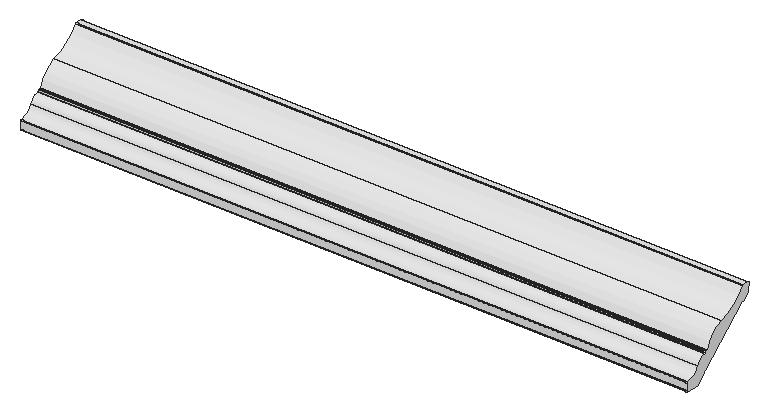
Revit family "13-MOULDING-CADS-132-PA8CROWN-4-REVIT_Versatex-Generic-Model-8in-CROWN-MOULDING", category Generic Models, host Face, Revit 2026
Family settings
  Host = Face
  Can host rebar = No
  Round Connector Dimension = Use Diameter
  Part Type = Normal
  Cut with Voids When Loaded = No
  Maintain Annotation Orientation = No
  Shared = No
  Room Calculation Point = No
Parameters
  Model = "PA8CROWN"
  Length = 4' - 0"
  Warranty = "https://versatex.com/warranty/"
  URL = "https://versatex.com/"
  Specification = "https://www.arcat.com/company/versatex-45716/spec?coid=45716"
  Sales Information = "https://versatex.com/dealer-locator/"
  Message Manufacturer = "https://versatex.com/contact/"
  Material = Versatex PVC - Smooth
  Manufacturer Website = "https://versatex.com/"
  Manufacturer Phone = "724-857-1111"
  Manufacturer Fax = "724-857-1171"
  Manufacturer Address = "400 Steel Street, Aliquippa, PA 15001"
  Manufacturer = "Versatex"
  Literature = "https://versatex.com/literature/?_sft_literature_category=cads"
  Description = "8\" CROWN MOULDING"
  Default Elevation = 4' - 0"
  Copyright = "© 2024 VERSATEX Building Products, LLC"
Reference planes (in)
  plane 1 "Center (Front/Back)": y = 0
  plane 2: z = 0
  plane 3 "Center (Left/Right)": x = 0
  plane 4: x = 24
  plane 5: x = -24
Forms (in)
  Sweep 1, solid, material "Versatex PVC - Smooth" <- "Material"
    path origin (0, 0, 0) x (1, 0, 0) y (0, 1, 0)
      loop
        line (-24, 0) -> (24, 0)
    profile "Versatex_Profile_8” CROWN MOULDING : Versatex_Profile_8” CROWN MOULDING" origin (0, 0, 0) x (0, 1, 0) y (0, 0, 1)
      loop
        arc (0, 4.6605) -> (-0.00937, 4.68313) -> (-0.032, 4.6925) r 0.032
        line (-0.032, 4.6925) -> (-0.46856, 4.6925)
        arc (-0.46856, 4.6925) -> (-0.48757, 4.68624) -> (-0.49914, 4.66991) r 0.032
        arc (-0.49914, 4.66991) -> (-1.32107, 3.76136) -> (-2.42399, 3.2279) r 3.20269
        arc (-2.42399, 3.2279) -> (-3.16954, 2.69181) -> (-3.63995, 1.90317) r 2.25787
        arc (-3.63995, 1.90317) -> (-3.65176, 1.88962) -> (-3.66901, 1.88458) r 0.032
        line (-3.66901, 1.88458) -> (-3.79743, 1.88458)
        arc (-3.79743, 1.88458) -> (-3.82005, 1.87521) -> (-3.82942, 1.85258) r 0.032
        line (-3.82942, 1.85258) -> (-3.82942, 1.7666)
        arc (-3.82942, 1.7666) -> (-3.83849, 1.74429) -> (-3.86054, 1.73461) r 0.032
        arc (-3.86054, 1.73461) -> (-4.26101, 1.59309) -> (-4.50322, 1.24412) r 0.69147
        arc (-4.50322, 1.24412) -> (-4.86532, 0.79125) -> (-5.42084, 0.62514) r 0.972
        arc (-5.42084, 0.62514) -> (-5.44361, 0.6159) -> (-5.45312, 0.59314) r 0.032
        line (-5.45312, 0.59314) -> (-5.45312, 0.032)
        arc (-5.45312, 0.032) -> (-5.44375, 0.00937) -> (-5.42113, 0) r 0.032
        line (-5.42113, 0) -> (-4.55432, 0) -> (-3.95725, 0.53337) -> (-3.95444, 0.66683) -> (-0.56938, 3.67368) -> (-0.43827, 3.67693) -> (0, 4.06844) -> (0, 4.6605)
Dimensions and locks (in)
  "Length": plane 5 to plane 4
  equal spacing: plane 5, plane 3 "Center (Left/Right)", plane 4, locked at 24 each
  aligned and locked: plane 2 to host face
  aligned and locked: level to host face
Automatic sketch dimensions
  host sketch curve to host sketch curve = 8' - 0"  (x2)
  plane 1 "Center (Front/Back)" to Sweep 1 sketch curve = 0' - 0"
  Sweep 1 sketch curve to plane 5 = 0' - 0"
  Sweep 1 sketch curve to plane 4 = 0' - 0"
